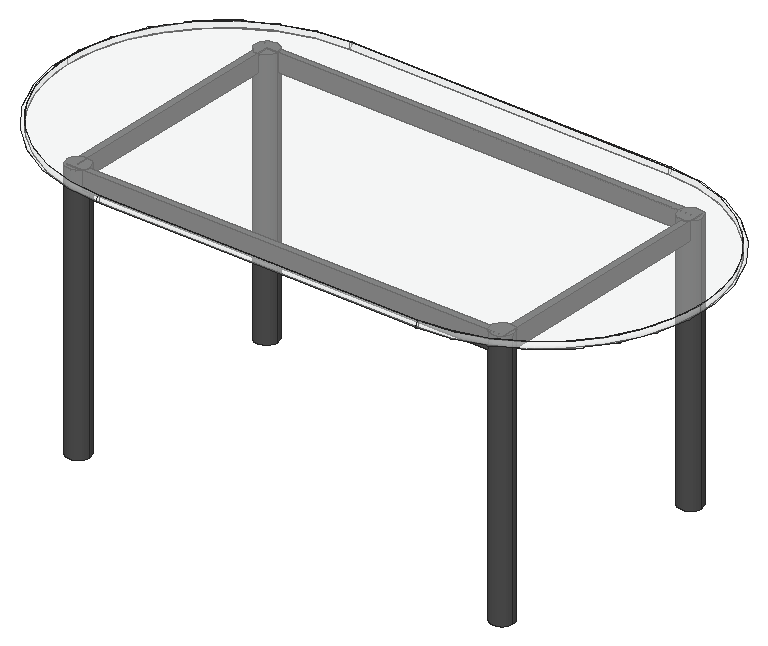
Revit family "Table-Dining Oval", category Furniture, Revit 2018
Family settings
  OmniClass Number = 23.40.20.14.17.11
  OmniClass Title = Dining Room Tables
  Work Plane-Based = No
  Always vertical = Yes
  Cut with Voids When Loaded = No
  Shared = Yes
  Room Calculation Point = No
Parameters (values of type "36" x 72"")
  Assembly Code = "E2020200"
  Description = ""
  Length = 6' - 0"
  Base Material = Steel, Chrome Plated
  Top Material = Glass - Clear, Grey
  Width = 3' - 0"
Types (5): name | Length | Base Material | Top Material
  (no name) | 6' - 0" | Steel, Chrome Plated | Glass - Clear, Grey
  36" x 72" | 6' - 0" | Steel, Chrome Plated | Glass - Clear, Grey
  36" x 96" Glass Top | 8' - 0" | Steel, Chrome Plated | Glass - Clear, Grey
  36" x 48" | 4' - 0" | Steel, Chrome Plated | Glass - Clear, Grey
  36" x 96" Laminate Top | 8' - 0" | Metal - Bronze, Light Brush | Laminate, Ivory, Matte
Reference planes (in)
  plane 1 "Center (Front/Back)": y = -14.09836
  plane 2: z = 0
  plane 3 "Center (Left/Right)": x = -15.81967
  plane 4: y = 3.52664
  plane 5: y = -31.72336
  plane 6: x = -51.44467
  plane 7: x = 19.80533
  plane 8: z = 30
  plane 9: x = 20.18033
  plane 10: x = -51.81967
  plane 11: y = -32.09836
  plane 12: y = 3.90164
Forms (in)
  Extrusion 1, solid, material "Glass - Clear, Grey" <- "Top Material"
    sketch origin (0, 0, 0) x (1, 0, 0) y (0, 1, 0)
      loop
        arc (-51.44467, -14.09836) -> (-46.28243, -26.56112) -> (-33.81967, -31.72336) r 17.625
        line (-33.81967, -31.72336) -> (2.18033, -31.72336)
        arc (2.18033, -31.72336) -> (14.64308, -26.56112) -> (19.80533, -14.09836) r 17.625
        arc (19.80533, -14.09836) -> (14.64308, -1.6356) -> (2.18033, 3.52664) r 17.625
        line (2.18033, 3.52664) -> (-33.81967, 3.52664)
        arc (-33.81967, 3.52664) -> (-46.28243, -1.6356) -> (-51.44467, -14.09836) r 17.625
    from 29.25 to 30
  Extrusion 2, solid, material "Steel, Chrome Plated" <- "Base Material"
    sketch origin (0, 0, 0) x (1, 0, 0) y (0, 1, 0)
      loop
        line (-40.44467, -0.09836) -> (-40.44467, -28.09836) -> (8.80533, -28.09836) -> (8.80533, -0.09836) -> (-40.44467, -0.09836)
      loop
        line (-39.69467, -0.84836) -> (-39.69467, -27.34836) -> (8.05533, -27.34836) -> (8.05533, -0.84836) -> (-39.69467, -0.84836)
    from 29.25 to 27.25
  Extrusion 3, solid, material "Steel, Chrome Plated" <- "Base Material"
    sketch origin (0, 0, 29.25) x (1, 0, 0) y (0, 1, 0)
      loop
        circle (-39.69467, -0.84836) r 1.25
      loop
        circle (-39.69467, -27.34836) r 1.25
      loop
        circle (8.05533, -0.84836) r 1.25
      loop
        circle (8.05533, -27.34836) r 1.25
    from 0 to -29.25
  Sweep 4, solid, material "Glass - Clear, Grey"
    path origin (0, 0, 0) x (1, 0, 0) y (0, 1, 0)
      loop
        arc (-33.81967, 3.52664) -> (-51.44467, -14.09836) -> (-33.81967, -31.72336) r 17.625
        line (-33.81967, -31.72336) -> (2.18033, -31.72336)
        arc (2.18033, -31.72336) -> (19.80533, -14.09836) -> (2.18033, 3.52664) r 17.625
        line (2.18033, 3.52664) -> (-33.81967, 3.52664)
    profile origin (0, -14.09836, 0) x (1, 0, 0) y (0, 0, 1)
      loop
        arc (-51.44467, 30) -> (-51.81967, 29.625) -> (-51.44467, 29.25) r 0.375
        line (-51.44467, 29.25) -> (-51.44467, 30)
Lines and regions (in)
  Masking region 1
    outline origin (0, 0, 0) x (1, 0, 0) y (0, 1, 0)
      loop
        arc (-33.81967, 3.90164) -> (-51.81967, -14.09836) -> (-33.81967, -32.09836) r 18
        line (-33.81967, -32.09836) -> (2.18033, -32.09836)
        arc (2.18033, -32.09836) -> (20.18033, -14.09836) -> (2.18033, 3.90164) r 18
        line (2.18033, 3.90164) -> (-33.81967, 3.90164)
Dimensions and locks (in)
  equal spacing: plane 11, plane 1 "Center (Front/Back)", plane 12
  "Width": plane 11 to plane 12
  equal spacing: plane 10, plane 3 "Center (Left/Right)", plane 9
  "Length": plane 10 to plane 9
  locked: plane 4 to plane 12 at 0.375
  plane 11 to plane 5 = 0' - 0 3/8"
  locked: plane 7 to plane 9 at 0.375
  locked: plane 10 to plane 6 at 0.375
  plane 8 to plane 2 = 2' - 6"
  locked: Extrusion 2 to Extrusion 2 at 2
  locked: Extrusion 2 sketch curve to plane 12 at 4
  locked: plane 11 to Extrusion 2 sketch curve at 4
  locked: Extrusion 2 to Extrusion 3 sketch curve at 0.75  (x4)
  locked: Extrusion 2 sketch curve to Extrusion 2 sketch curve at 0.75  (x2)
  aligned and locked: Sweep 4 sketch curve to Extrusion 1  (x4)
  aligned and locked: Extrusion 3 sketch curve to Extrusion 2  (x2)
  aligned and locked: Extrusion 2 to Extrusion 3 sketch curve  (x2)
  aligned and locked: plane 11 to Masking region 1 sketch curve
Automatic sketch dimensions
  Extrusion 1 sketch curve to plane 1 "Center (Front/Back)" = 0' - 0"  (x2)
  Extrusion 1 sketch curve to plane 6 = 0' - 0"
  Extrusion 1 sketch curve to plane 4 = 0' - 0"
  Extrusion 1 sketch curve to plane 5 = 0' - 0"
  Extrusion 1 sketch curve to plane 7 = 0' - 0"
  Extrusion 2 sketch curve to Extrusion 2 sketch curve = 0' - 0 3/4"  (x2)
  Sweep 4 sketch curve to profile plane = 0' - 0"
  level to Sweep 4 sketch curve = 2' - 5 1/4"
  Sweep 4 sketch curve to Sweep 4 sketch curve = 0' - 0 3/8"
  Extrusion 3 sketch curve to Extrusion 3 sketch curve = 0' - 1 1/4"  (x4)
  Extrusion 2 sketch curve to plane 6 = 0' - 11 3/4"
  plane 7 to Extrusion 2 sketch curve = 0' - 11 3/4"
  Masking region 1 sketch curve to plane 6 = 1' - 5 5/8"
  plane 7 to Masking region 1 sketch curve = 1' - 5 5/8"
  Masking region 1 sketch curve to plane 1 "Center (Front/Back)" = 0' - 0"
